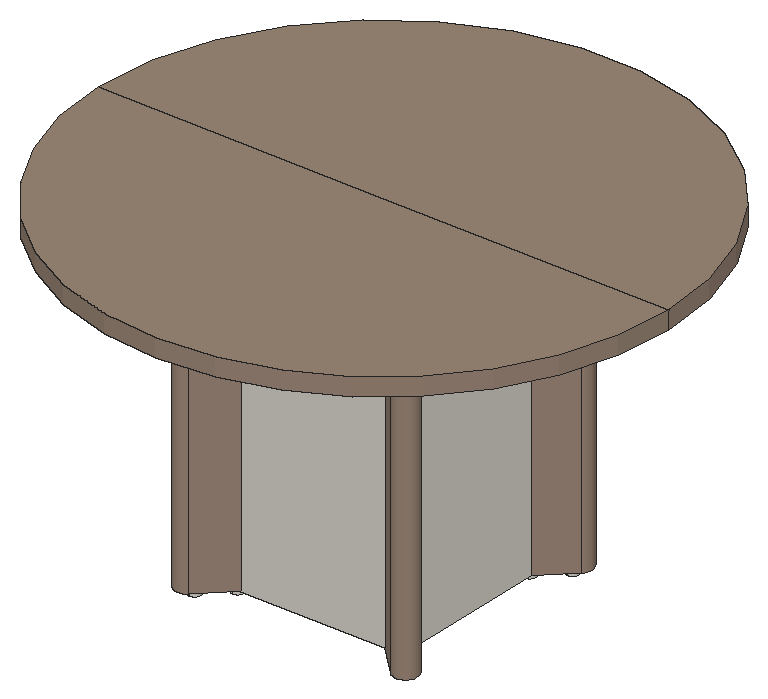
Revit family "Table-Teknion-CFRFFN_Figure_Table_Round_Gable_Enclosed_Base_Flat_Edge-R2023", category Furniture, Revit 2023 (continued)
Definition of nested family "7 Inch Compact Recessed Access Door"
  Lines and regions (in)
    Masking region 1
      outline origin (0, 0, 0) x (1, 0, 0) y (0, 1, 0)
        loop
          line (1346.77955, -151.55173) -> (1346.77955, -152.28346)
          arc (1346.77955, -152.28346) -> (1346.84758, -152.4477) -> (1347.01181, -152.51573) r 0.23226
          line (1347.01181, -152.51573) -> (1352.98819, -152.51573)
          arc (1352.98819, -152.51573) -> (1353.15242, -152.4477) -> (1353.22045, -152.28346) r 0.23226
          line (1353.22045, -152.28346) -> (1353.22045, -151.55173) -> (1353.14837, -151.55173) -> (1353.14837, -151.85039)
          arc (1353.14837, -151.85039) -> (1353.11414, -151.93304) -> (1353.0315, -151.96727) r 0.11687
          line (1353.0315, -151.96727) -> (1346.9685, -151.96727)
          arc (1346.9685, -151.96727) -> (1346.88586, -151.93304) -> (1346.85163, -151.85039) r 0.11687
          line (1346.85163, -151.85039) -> (1346.85163, -151.55173) -> (1346.77955, -151.55173)
    symbolic lines
      curve 1: line (1346.73992, -152.28346, 0) -> (1346.73992, -147.71654, 0)
      curve 2: line (1347.01181, -147.44465, 0) -> (1352.98819, -147.44465, 0)
      curve 3: arc (1346.73992, -147.71654, 0) -> (1346.81956, -147.52428, 0) -> (1347.01181, -147.44465, 0) r 0.27189
      curve 4: line (1353.26008, -147.71654, 0) -> (1353.26008, -152.28346, 0)
      curve 5: arc (1352.98819, -147.44465, 0) -> (1353.18044, -147.52428, 0) -> (1353.26008, -147.71654, 0) r 0.27189
      curve 6: line (1352.98819, -152.55535, 0) -> (1347.01181, -152.55535, 0)
      curve 7: arc (1353.26008, -152.28346, 0) -> (1353.18044, -152.47572, 0) -> (1352.98819, -152.55535, 0) r 0.27189
      curve 8: arc (1347.01181, -152.55535, 0) -> (1346.81956, -152.47572, 0) -> (1346.73992, -152.28346, 0) r 0.27189
      curve 9: line (1346.85163, -148.14961, 0) -> (1346.85163, -151.85039, 0)
      curve 10: line (1353.14837, -151.85039, 0) -> (1353.14837, -148.14961, 0)
      curve 11: line (1346.77955, -147.71654, 0) -> (1346.77955, -152.28346, 0)
      curve 12: line (1353.22045, -147.71654, 0) -> (1353.22045, -152.28346, 0)
      curve 47: line (1346.85163, -148.14961, 0) -> (1346.85163, -151.85039, 0)
      curve 48: line (1353.0315, -148.03273, 0) -> (1346.9685, -148.03273, 0)
      curve 49: arc (1346.9685, -148.03273, 0) -> (1346.88586, -148.06696, 0) -> (1346.85163, -148.14961, 0) r 0.11687
      curve 50: line (1353.14837, -151.85039, 0) -> (1353.14837, -148.14961, 0)
      curve 51: arc (1353.14837, -148.14961, 0) -> (1353.11414, -148.06696, 0) -> (1353.0315, -148.03273, 0) r 0.11687
      curve 52: line (1346.9685, -151.96727, 0) -> (1353.0315, -151.96727, 0)
      curve 53: arc (1353.0315, -151.96727, 0) -> (1353.11414, -151.93304, 0) -> (1353.14837, -151.85039, 0) r 0.11687
      curve 54: arc (1346.85163, -151.85039, 0) -> (1346.88586, -151.93304, 0) -> (1346.9685, -151.96727, 0) r 0.11687
      curve 55: line (1346.77955, -152.28346, 0) -> (1346.77955, -151.55173, 0)
      curve 56: line (1352.98819, -152.51573, 0) -> (1347.01181, -152.51573, 0)
      curve 57: arc (1347.01181, -152.51573, 0) -> (1346.84758, -152.4477, 0) -> (1346.77955, -152.28346, 0) r 0.23226
      curve 58: line (1353.22045, -151.55173, 0) -> (1353.22045, -152.28346, 0)
      curve 59: arc (1353.22045, -152.28346, 0) -> (1353.15242, -152.4477, 0) -> (1352.98819, -152.51573, 0) r 0.23226
      curve 60: line (1346.77955, -148.44827, 0) -> (1346.77955, -147.71654, 0)
      curve 61: line (1347.01181, -147.48427, 0) -> (1352.98819, -147.48427, 0)
      curve 62: arc (1346.77955, -147.71654, 0) -> (1346.84758, -147.5523, 0) -> (1347.01181, -147.48427, 0) r 0.23226
      curve 63: line (1353.22045, -147.71654, 0) -> (1353.22045, -148.44827, 0)
      curve 64: arc (1352.98819, -147.48427, 0) -> (1353.15242, -147.5523, 0) -> (1353.22045, -147.71654, 0) r 0.23226
      curve 65: line (1353.04331, -147.19685, 0) -> (1346.95669, -147.19685, 0)
      curve 66: arc (1346.95669, -147.19685, 0) -> (1346.62819, -147.33292, 0) -> (1346.49213, -147.66142, 0) r 0.46457
      curve 67: line (1346.49213, -147.66142, 0) -> (1346.49213, -152.33858, 0)
      curve 68: arc (1346.49213, -152.33858, 0) -> (1346.62819, -152.66708, 0) -> (1346.95669, -152.80315, 0) r 0.46457
      curve 69: line (1346.95669, -152.80315, 0) -> (1353.04331, -152.80315, 0)
      curve 70: arc (1353.04331, -152.80315, 0) -> (1353.37181, -152.66708, 0) -> (1353.50787, -152.33858, 0) r 0.46457
      curve 71: line (1353.50787, -152.33858, 0) -> (1353.50787, -147.66142, 0)
      curve 72: arc (1353.50787, -147.66142, 0) -> (1353.37181, -147.33292, 0) -> (1353.04331, -147.19685, 0) r 0.46457
    symbolic lines, detail levels medium+fine
      curve 13: line (1347.54528, -150.97283, 0) -> (1348.02559, -150.97283, 0)
      curve 14: line (1348.02559, -150.97283, 0) -> (1348.02559, -151.5626, 0)
      curve 15: line (1348.02559, -151.5626, 0) -> (1347.54528, -151.5626, 0)
      curve 16: line (1347.54528, -151.5626, 0) -> (1347.54528, -150.97283, 0)
      curve 17: line (1351.97441, -148.4374, 0) -> (1352.45472, -148.4374, 0)
      curve 18: line (1351.97441, -149.02717, 0) -> (1351.97441, -148.4374, 0)
      curve 19: line (1352.45472, -149.02717, 0) -> (1351.97441, -149.02717, 0)
      curve 20: line (1352.45472, -148.4374, 0) -> (1352.45472, -149.02717, 0)
      curve 21: line (1347.05512, -148.44685, 0) -> (1347.47244, -148.44685, 0)
      curve 22: line (1347.05512, -151.55315, 0) -> (1347.05512, -148.44685, 0)
      curve 23: line (1347.47244, -151.55315, 0) -> (1347.05512, -151.55315, 0)
      curve 24: line (1347.47244, -148.44685, 0) -> (1347.47244, -151.55315, 0)
      curve 25: line (1347.02362, -151.55173, 0) -> (1346.73992, -151.55173, 0)
      curve 26: line (1347.02362, -151.55173, 0) -> (1347.02362, -148.44827, 0)
      curve 27: line (1347.02362, -148.44827, 0) -> (1346.73992, -148.44827, 0)
      curve 28: line (1346.77955, -148.55314, 0) -> (1347.41732, -148.55314, 0)
      curve 29: line (1347.41732, -148.55314, 0) -> (1347.41732, -151.44686, 0)
      curve 30: line (1347.41732, -151.44686, 0) -> (1346.77955, -151.44686, 0)
      curve 31: line (1347.02362, -149.80673, 0) -> (1346.93307, -149.80673, 0)
      curve 32: line (1346.93307, -149.80673, 0) -> (1346.93307, -150.19327, 0)
      curve 33: line (1346.93307, -150.19327, 0) -> (1347.02362, -150.19327, 0)
      curve 34: line (1352.94488, -148.44685, 0) -> (1352.52756, -148.44685, 0)
      curve 35: line (1352.94488, -151.55315, 0) -> (1352.94488, -148.44685, 0)
      curve 36: line (1352.52756, -151.55315, 0) -> (1352.94488, -151.55315, 0)
      curve 37: line (1352.52756, -148.44685, 0) -> (1352.52756, -151.55315, 0)
      curve 38: line (1352.97638, -151.55173, 0) -> (1353.26008, -151.55173, 0)
      curve 39: line (1352.97638, -151.55173, 0) -> (1352.97638, -148.44827, 0)
      curve 40: line (1352.97638, -148.44827, 0) -> (1353.26008, -148.44827, 0)
      curve 41: line (1353.22045, -148.55314, 0) -> (1352.58268, -148.55314, 0)
      curve 42: line (1352.58268, -148.55314, 0) -> (1352.58268, -151.44686, 0)
      curve 43: line (1352.58268, -151.44686, 0) -> (1353.22045, -151.44686, 0)
      curve 44: line (1352.97638, -149.80673, 0) -> (1353.06693, -149.80673, 0)
      curve 45: line (1353.06693, -149.80673, 0) -> (1353.06693, -150.19327, 0)
      curve 46: line (1353.06693, -150.19327, 0) -> (1352.97638, -150.19327, 0)
  Dimensions and locks (in)
    plane 4 "Left" to plane 5 "Right" = 7.01575"
    plane 6 "Back" to plane 7 "Front" = 5.6063"
    locked: plane 8 "Top" to level at 29.06
    equal spacing: plane 7 "Front", plane 1 "Center Front/Back", plane 6 "Back"
    equal spacing: plane 4 "Left", plane 3 "Center Left/Right", plane 5 "Right"
    plane 9 to plane 8 "Top" to plane 10 = 0.07087" locked, 1.50394" locked
    aligned and locked: level to plane 2
    aligned and locked: Sweep 6 sketch curve to plane 3 "Center Left/Right"
    aligned and locked: plane 3 "Center Left/Right" to SweptBlend 8 sketch curve
    aligned and locked: Sweep 10 sketch curve to plane 1 "Center Front/Back"
  Automatic sketch dimensions
    Sweep 1 sketch curve to plane 3 "Center Left/Right" = 0.000"
    Sweep 1 sketch curve to plane 8 "Top" = 0.12598"
    plane 8 "Top" to Sweep 1 sketch curve = 0.0315"
    Sweep 1 sketch curve to plane 1 "Center Front/Back" = 1.96727"
    Sweep 1 sketch curve to Sweep 1 sketch curve = 0.11687"  (x3)
    plane 1 "Center Front/Back" to Sweep 1 sketch curve = 1.85039"  (x2)
    profile plane to Sweep 1 sketch curve = 3.14837"
    Sweep 1 sketch curve to profile plane = 3.0315"
    plane 4 "Left" to Sweep 2 sketch curve = 1.05315"
    plane 1 "Center Front/Back" to Sweep 2 sketch curve = 0.97077"
    Sweep 2 sketch curve to Sweep 2 sketch curve = 0.48031"
    Sweep 2 sketch curve to profile plane = 0.000"
    profile plane to Sweep 2 sketch curve = 0.01169"
    Sweep 2 sketch curve to Sweep 2 sketch curve = 0.28526"
    Sweep 2 sketch curve to Sweep 2 sketch curve = 0.01169"
    level to Sweep 2 sketch curve = 28.65831"
    Sweep 2 sketch curve to Sweep 2 sketch curve = 0.33476"
    plane 5 "Right" to Sweep 3 sketch curve = 1.53346"
    Sweep 3 sketch curve to plane 6 "Back" = 1.23848"
    Sweep 3 sketch curve to Sweep 3 sketch curve = 0.48031"
    Sweep 3 sketch curve to profile plane = 0.000"
    profile plane to Sweep 3 sketch curve = 0.01169"
    Sweep 3 sketch curve to Sweep 3 sketch curve = 0.28526"
    Sweep 3 sketch curve to Sweep 3 sketch curve = 0.01169"
    level to Sweep 3 sketch curve = 28.65831"
    Sweep 3 sketch curve to Sweep 3 sketch curve = 0.33476"
    plane 1 "Center Front/Back" to Sweep 4 sketch curve = 0.000"
    plane 4 "Left" to Sweep 4 sketch curve = 0.56299"
    Sweep 4 sketch curve to Sweep 4 sketch curve = 0.41732"
    Sweep 4 sketch curve to Sweep 4 sketch curve = 0.000"  (x4)
    profile plane to Sweep 4 sketch curve = 1.26772"
    Sweep 4 sketch curve to profile plane = 1.26772"
    level to Sweep 4 sketch curve = 28.38283"
    Sweep 4 sketch curve to Sweep 4 sketch curve = 0.28543"
    plane 1 "Center Front/Back" to Sweep 5 sketch curve = 0.000"
    plane 5 "Right" to Sweep 5 sketch curve = 0.56299"
    Sweep 5 sketch curve to Sweep 5 sketch curve = 0.41732"
    Sweep 5 sketch curve to Sweep 5 sketch curve = 0.000"  (x4)
    profile plane to Sweep 5 sketch curve = 1.26772"
    Sweep 5 sketch curve to profile plane = 1.26772"
    level to Sweep 5 sketch curve = 28.38283"
    Sweep 5 sketch curve to Sweep 5 sketch curve = 0.28543"
    Sweep 6 sketch curve to plane 10 = 0.000"
    Sweep 6 sketch curve to Sweep 6 sketch curve = 0.74566"
    Sweep 6 sketch curve to Sweep 6 sketch curve = 0.000"  (x8)
    Sweep 6 sketch curve to plane 1 "Center Front/Back" = 2.60628"
    Sweep 6 sketch curve to Sweep 6 sketch curve = 0.09055"  (x2)
    Sweep 6 sketch curve to Sweep 6 sketch curve = 0.23226"  (x3)
    Sweep 6 sketch curve to Sweep 6 sketch curve = 0.8366"  (x4)
    Sweep 6 sketch curve to Sweep 6 sketch curve = 0.09061"  (x4)
    plane 1 "Center Front/Back" to Sweep 6 sketch curve = 1.35626"  (x2)
    profile plane to Sweep 6 sketch curve = 3.311"
    Sweep 6 sketch curve to Sweep 6 sketch curve = 0.63777"
    Sweep 6 sketch curve to profile plane = 2.58268"
    Sweep 6 sketch curve to Sweep 6 sketch curve = 0.40551"
    SweptBlend 7 sketch curve to plane 3 "Center Left/Right" = 0.000"
    SweptBlend 7 sketch curve to plane 8 "Top" = 0.000"
    plane 10 to SweptBlend 7 sketch curve = 0.74566"
    profile plane to SweptBlend 7 sketch curve = 3.311"
    SweptBlend 7 sketch curve to SweptBlend 7 sketch curve = 0.32281"  (x3)
    SweptBlend 7 sketch curve to profile plane = 2.98819"  (x4)
    SweptBlend 7 sketch curve to plane 1 "Center Front/Back" = 2.60628"
    plane 1 "Center Front/Back" to SweptBlend 7 sketch curve = 2.28346"  (x2)
    profile plane to SweptBlend 7 sketch curve = 3.35074"
    SweptBlend 7 sketch curve to SweptBlend 7 sketch curve = 0.36255"  (x3)
    SweptBlend 7 sketch curve to plane 1 "Center Front/Back" = 2.64602"
    SweptBlend 8 sketch curve to plane 9 = 0.000"
    plane 10 to SweptBlend 8 sketch curve = 0.74566"
    profile plane to SweptBlend 8 sketch curve = 3.22045"
    SweptBlend 8 sketch curve to SweptBlend 8 sketch curve = 0.23226"  (x3)
    SweptBlend 8 sketch curve to profile plane = 2.98819"  (x4)
    SweptBlend 8 sketch curve to plane 1 "Center Front/Back" = 2.51573"
    plane 1 "Center Front/Back" to SweptBlend 8 sketch curve = 2.28346"  (x2)
    profile plane to SweptBlend 8 sketch curve = 3.26378"
    SweptBlend 8 sketch curve to SweptBlend 8 sketch curve = 0.27559"  (x3)
    SweptBlend 8 sketch curve to plane 1 "Center Front/Back" = 2.28346"
    Sweep 9 sketch curve to plane 3 "Center Left/Right" = 0.000"
    Sweep 9 sketch curve to plane 8 "Top" = 0.000"
    Sweep 9 sketch curve to plane 9 = 0.000"
    Sweep 9 sketch curve to plane 1 "Center Front/Back" = 2.80315"
    Sweep 9 sketch curve to Sweep 9 sketch curve = 0.2478"  (x2)
    Sweep 9 sketch curve to Sweep 9 sketch curve = 0.21677"  (x4)
    Sweep 9 sketch curve to Sweep 9 sketch curve = 0.05512"  (x5)
    plane 1 "Center Front/Back" to Sweep 9 sketch curve = 2.28346"  (x2)
    profile plane to Sweep 9 sketch curve = 3.50787"
    Sweep 9 sketch curve to profile plane = 2.98819"
    plane 4 "Left" to Sweep 10 sketch curve = 0.22679"
    Sweep 10 sketch curve to Sweep 10 sketch curve = 0.30471"
    profile plane to Sweep 10 sketch curve = 1.55173"
    Sweep 10 sketch curve to Sweep 10 sketch curve = 0.01431"
    Sweep 10 sketch curve to Sweep 10 sketch curve = 0.07874"  (x2)
    Sweep 10 sketch curve to Sweep 10 sketch curve = 0.00137"  (x2)
    Sweep 10 sketch curve to Sweep 10 sketch curve = 0.23608"  (x2)
    Sweep 10 sketch curve to profile plane = 1.30134"
    Sweep 10 sketch curve to Sweep 10 sketch curve = 0.17027"
    level to Sweep 10 sketch curve = 28.30409"
    Sweep 10 sketch curve to Sweep 10 sketch curve = 0.000"
    Sweep 10 sketch curve to Sweep 10 sketch curve = 0.03937"
    Sweep 10 sketch curve to Sweep 10 sketch curve = 0.3622"  (x2)
    Sweep 10 sketch curve to Sweep 10 sketch curve = 0.00824"
    plane 1 "Center Front/Back" to Sweep 11 sketch curve = 0.000"
    plane 5 "Right" to Sweep 11 sketch curve = 0.22679"
    Sweep 11 sketch curve to Sweep 11 sketch curve = 0.30471"
    profile plane to Sweep 11 sketch curve = 1.55173"
    Sweep 11 sketch curve to Sweep 11 sketch curve = 0.01431"
    Sweep 11 sketch curve to Sweep 11 sketch curve = 0.07874"  (x2)
    Sweep 11 sketch curve to Sweep 11 sketch curve = 0.00137"  (x2)
    Sweep 11 sketch curve to Sweep 11 sketch curve = 0.23608"  (x2)
    Sweep 11 sketch curve to profile plane = 1.30134"
    Sweep 11 sketch curve to Sweep 11 sketch curve = 0.17027"
    level to Sweep 11 sketch curve = 28.30409"
    Sweep 11 sketch curve to Sweep 11 sketch curve = 0.000"
    Sweep 11 sketch curve to Sweep 11 sketch curve = 0.03937"
    Sweep 11 sketch curve to Sweep 11 sketch curve = 0.3622"  (x2)
    Sweep 11 sketch curve to Sweep 11 sketch curve = 0.00824"
    plane 1 "Center Front/Back" to Sweep 12 sketch curve = 0.000"
    plane 4 "Left" to Sweep 12 sketch curve = 0.44094"
    plane 5 "Right" to Sweep 12 sketch curve = 0.44094"
    profile plane to Sweep 12 sketch curve = 0.19327"
    Sweep 12 sketch curve to profile plane = 0.17902"
    Sweep 12 sketch curve to profile plane = 0.19327"
    Sweep 12 sketch curve to Sweep 12 sketch curve = 0.40783"  (x2)
    level to Sweep 12 sketch curve = 28.53406"
    profile plane to Sweep 12 sketch curve = 0.17902"
    Sweep 12 sketch curve to Sweep 12 sketch curve = 0.00625"
    Masking region 1 sketch curve to plane 4 "Left" = 0.000"
    Masking region 1 sketch curve to plane 6 "Back" = 0.000"
    plane 7 "Front" to Masking region 1 sketch curve = 0.000"
    Masking region 1 sketch curve to plane 5 "Right" = 0.000"
    plane 4 "Left" to Masking region 1 sketch curve = 0.28742"  (x2)
    Masking region 1 sketch curve to Masking region 1 sketch curve = 0.07208"  (x3)
    Masking region 1 sketch curve to Masking region 1 sketch curve = 0.17714"  (x2)
    plane 4 "Left" to Masking region 1 sketch curve = 0.46457"
    Masking region 1 sketch curve to Masking region 1 sketch curve = 0.11687"  (x4)
    Masking region 1 sketch curve to Masking region 1 sketch curve = 0.05512"  (x5)
    Masking region 1 sketch curve to plane 7 "Front" = 0.28742"
    plane 5 "Right" to Masking region 1 sketch curve = 0.51969"  (x2)
    Masking region 1 sketch curve to Masking region 1 sketch curve = 0.04331"  (x2)
    Masking region 1 sketch curve to Masking region 1 sketch curve = 0.3162"
    Masking region 1 sketch curve to Masking region 1 sketch curve = 0.29867"  (x3)
    Masking region 1 sketch curve to Masking region 1 sketch curve = 0.78686"  (x2)
    plane 4 "Left" to curve 1 = 0.2478"
    curve 31 to plane 1 "Center Front/Back" = 0.19327"
    plane 4 "Left" to curve 31 = 0.44094"
    curve 3 to curve 3 = 0.27189"
    curve 6 to plane 7 "Front" = 0.2478"
    curve 8 to curve 6 = 0.27189"
    curve 25 to curve 26 = 0.2837"
    curve 25 to curve 23 = 0.0315"
    curve 21 to curve 29 = 0.3622"
    curve 29 to curve 23 = 0.05512"
    curve 29 to curve 16 = 0.12795"
    curve 15 to curve 15 = 0.48031"
    plane 5 "Right" to curve 17 = 1.53346"
    curve 18 to curve 20 = 0.48031"
    plane 5 "Right" to curve 37 = 0.98031"
    curve 34 to curve 41 = 0.05512"
    curve 41 to curve 35 = 0.3622"
    curve 34 to curve 40 = 0.0315"
    curve 2 to plane 6 "Back" = 0.2478"
    plane 5 "Right" to curve 2 = 0.51969"
    plane 5 "Right" to curve 7 = 0.51969"
    curve 46 to curve 45 = 0.09055"
    plane 5 "Right" to curve 4 = 0.2478"
    curve 7 to curve 36 = 0.73031"
    curve 15 to curve 24 = 0.00945"
    curve 22 to curve 26 = 0.00142"
    curve 35 to curve 38 = 0.00142"
    curve 36 to curve 43 = 0.10628"
    curve 23 to curve 30 = 0.10628"
    curve 14 to curve 13 = 0.58977"
    plane 1 "Center Front/Back" to curve 32 = 0.19327"
    plane 1 "Center Front/Back" to curve 46 = 0.19327"
    curve 44 to plane 1 "Center Front/Back" = 0.19327"
    curve 44 to curve 19 = 0.77956"
    curve 19 to curve 42 = 0.47404"
    curve 28 to curve 26 = 0.10486"
    curve 41 to curve 39 = 0.10486"
    curve 39 to curve 34 = 0.00142"
    curve 26 to curve 21 = 0.00142"
    curve 34 to curve 17 = 0.00945"
    curve 25 to curve 9 = 0.11171"
    curve 10 to curve 40 = 0.11171"
    curve 12 to curve 7 = 0.03963"
    curve 8 to curve 11 = 0.000"
    curve 10 to curve 38 = 0.29867"
    curve 9 to curve 25 = 0.29867"
    curve 40 to curve 10 = 0.29867"
    curve 27 to curve 9 = 0.29867"
    curve 3 to curve 11 = 0.000"
    curve 12 to curve 5 = 0.000"
    curve 49 to curve 49 = 0.11687"
    curve 48 to curve 10 = 0.11687"
    curve 53 to curve 53 = 0.11687"
    curve 9 to curve 52 = 0.11687"
    curve 8 to curve 57 = 0.000"
    curve 56 to curve 6 = 0.000"
    curve 3 to curve 62 = 0.000"
    curve 61 to curve 2 = 0.000"
    curve 67 to plane 4 "Left" = 0.000"
    curve 65 to plane 6 "Back" = 0.000"
    plane 7 "Front" to curve 68 = 0.000"
    curve 70 to plane 5 "Right" = 0.000"
    curve 65 to curve 2 = 0.05512"
    curve 68 to curve 8 = 0.05512"
    curve 5 to curve 72 = 0.05512"
    curve 7 to curve 70 = 0.05512"
Definition of nested family "12 Inch Standard Recessed Access Door"
  Parameters (values of type "12 Inch Compact Recessed Access Door")
    Warranty = "http://www.teknion.com/ca/papers/legal-canada"
    Unit Weight URL = "http://www.teknion.com/ca/tools/assets#&asset=bee6a381-b954-425e-8283-5a2de3a804f2,f828d448-4b62-4231-9e5f-9a8991c0ed77"
    URL = "www.teknion.com"
    To render please download texture images found here [instance] = "https://assets.teknion.com/web/5e81352c1dfdb467/revit-material-swatches/"
    Sustainability Data = "https://www.teknion.com/ca/tools/assets#&topic=216f99a5-57a0-44fc-b10a-9dee9b29ae4c&asset=444deb64-fe58-4b68-981e-f75e97781df7,b4ff2d81-9f2e-437d-9659-7cffb09c31cf"
    Series = ""
    Product Page URL = ""
    Product Line = ""
    Product Documentation Link = ""
    Part Number = ""
    Model = "1"
    Manufacturer Phone = "416-661-3370"  # constant formula
    Manufacturer Fax = "416.661.4586"  # constant formula
    Manufacturer Contact Information = "http://www.teknion.com/ca/contactus"
    Manufacturer Address = "1150 Flint Road, Toronto, ON. M3J 2J5. Canada"  # constant formula
    Manufacturer = "Teknion"  # constant formula
    How To Use Teknion Materials User Guide [instance] = "https://assets.teknion.com/m/205dd0a49fa58060/original/How-to-add-a-Material-Library-and-Texture-Images-to-your-Revit-project.pdf"
    For Additional Finishes please visit [instance] = "https://assets.teknion.com/m/44a8009b046e5d47/original/Teknion_Materials_Library.zip"
    Finish [instance] = none
    Description = "12 Inch Compact Recessed Access Door"
    Default Elevation = 0.000"
    Assembly Code = "E2020200"
  Reference planes (in)
    plane 1 "Center Front/Back": y = -150
    plane 2: z = 0
    plane 3 "Center Left/Right": x = 1350
    plane 4 "Left": x = 1343.97244
    plane 5 "Right": x = 1356.02756
    plane 6 "Back": y = -147.19685
    plane 7 "Front": y = -152.80315
    plane 8 "Top": z = 29.06
    plane 9: z = 29.13087
    plane 10: z = 27.55606
  Forms (in)
    Sweep 1, solid, material <- "Finish"
      path origin (0, -150, 0) x (1, 0, 0) y (0, 0, 1)
        loop
          line (1350, 29.0915) -> (1350, 28.93402)
      profile origin (1350, -150, 29.01276) x (0, -1, 0) y (1, 0, 0)
        loop
          line (-1.96727, 5.55118) -> (-1.96727, -5.55118)
          arc (-1.96727, -5.55118) -> (-1.93304, -5.63382) -> (-1.85039, -5.66805) r 0.11687
          line (-1.85039, -5.66805) -> (1.85039, -5.66805)
          arc (1.85039, -5.66805) -> (1.93304, -5.63382) -> (1.96727, -5.55118) r 0.11687
          line (1.96727, -5.55118) -> (1.96727, 5.55118)
          arc (1.96727, 5.55118) -> (1.93304, 5.63382) -> (1.85039, 5.66805) r 0.11687
          line (1.85039, 5.66805) -> (-1.85039, 5.66805)
          arc (-1.85039, 5.66805) -> (-1.93304, 5.63382) -> (-1.96727, 5.55118) r 0.11687
    Sweep 2, solid, material <- "Finish"
      path origin (0, 0, 0) x (1, 0, 0) y (0, 1, 0)
        loop
          line (1345.02559, -150.97077) -> (1345.50591, -150.97077)
      profile origin (1345.26575, -150.97077, 0) x (0, 1, 0) y (0, 0, 1)
        loop
          arc (-0.58221, 28.65831) -> (-0.29695, 28.37305) -> (-0.01169, 28.65831) r 0.28526
          line (-0.01169, 28.65831) -> (0, 28.99307) -> (-0.5939, 28.99307) -> (-0.58221, 28.65831)
    Sweep 3, solid, material <- "Finish"
      path origin (4.42913, 2.53543, 0) x (1, 0, 0) y (0, 1, 0)
        loop
          line (1350.06496, -150.97077) -> (1350.54528, -150.97077)
      profile origin (1354.73425, -148.43533, 0) x (0, 1, 0) y (0, 0, 1)
        loop
          arc (-0.58221, 28.65831) -> (-0.29695, 28.37305) -> (-0.01169, 28.65831) r 0.28526
          line (-0.01169, 28.65831) -> (0, 28.99307) -> (-0.5939, 28.99307) -> (-0.58221, 28.65831)
    Sweep 4, solid, material <- "Finish"
      path origin (0, 0, 0) x (1, 0, 0) y (0, 1, 0)
        loop
          line (1344.95276, -150) -> (1344.53543, -150)
      profile origin (1344.74409, -150, 0) x (0, -1, 0) y (0, 0, 1)
        loop
          line (1.26772, 28.9537) -> (-1.26772, 28.9537)
          arc (-1.26772, 28.9537) -> (-1.46955, 28.8701) -> (-1.55315, 28.66827) r 0.28543
          arc (-1.55315, 28.66827) -> (-1.46955, 28.46644) -> (-1.26772, 28.38283) r 0.28543
          line (-1.26772, 28.38283) -> (1.26772, 28.38283)
          arc (1.26772, 28.38283) -> (1.46955, 28.46644) -> (1.55315, 28.66827) r 0.28543
          arc (1.55315, 28.66827) -> (1.46955, 28.8701) -> (1.26772, 28.9537) r 0.28543
    Sweep 5, solid, material <- "Finish"
      path origin (2700, 0, 0) x (-1, 0, 0) y (0, -1, 0)
        loop
          line (1344.95276, 150) -> (1344.53543, 150)
      profile origin (1355.25591, -150, 0) x (0, 1, 0) y (0, 0, 1)
        loop
          arc (-1.26772, 28.9537) -> (-1.46955, 28.8701) -> (-1.55315, 28.66827) r 0.28543
          arc (-1.55315, 28.66827) -> (-1.46955, 28.46644) -> (-1.26772, 28.38283) r 0.28543
          line (-1.26772, 28.38283) -> (1.26772, 28.38283)
          arc (1.26772, 28.38283) -> (1.46955, 28.46644) -> (1.55315, 28.66827) r 0.28543
          arc (1.55315, 28.66827) -> (1.46955, 28.8701) -> (1.26772, 28.9537) r 0.28543
          line (1.26772, 28.9537) -> (-1.26772, 28.9537)
    Sweep 6, solid, material <- "Finish"
      path origin (0, -150, 0) x (1, 0, 0) y (0, 0, 1)
        loop
          line (1350, 28.30172) -> (1350, 27.55606)
      profile origin (1350, -150, 27.92889) x (0, -1, 0) y (1, 0, 0)
        loop
          line (1.35626, -5.83069) -> (2.28346, -5.83069)
          arc (2.28346, -5.83069) -> (2.51173, -5.73614) -> (2.60628, -5.50787) r 0.32281
          line (2.60628, -5.50787) -> (2.60628, 5.50787)
          arc (2.60628, 5.50787) -> (2.51173, 5.73614) -> (2.28346, 5.83069) r 0.32281
          line (2.28346, 5.83069) -> (1.35626, 5.83069) -> (-1.35626, 5.83069) -> (-2.28346, 5.83069)
          arc (-2.28346, 5.83069) -> (-2.51173, 5.73614) -> (-2.60628, 5.50787) r 0.32281
          line (-2.60628, 5.50787) -> (-2.60628, -5.50787)
          arc (-2.60628, -5.50787) -> (-2.51173, -5.73614) -> (-2.28346, -5.83069) r 0.32281
          line (-2.28346, -5.83069) -> (-1.35626, -5.83069) -> (1.35626, -5.83069)
        loop
          arc (2.28346, -5.74014) -> (2.4477, -5.67211) -> (2.51573, -5.50787) r 0.23226
          line (2.51573, -5.50787) -> (2.51573, 5.50787)
          arc (2.51573, 5.50787) -> (2.4477, 5.67211) -> (2.28346, 5.74014) r 0.23226
          line (2.28346, 5.74014) -> (1.44686, 5.74014) -> (1.44686, 5.10236) -> (-1.44686, 5.10236) -> (-1.44686, 5.74014) -> (-2.28346, 5.74014)
          arc (-2.28346, 5.74014) -> (-2.4477, 5.67211) -> (-2.51573, 5.50787) r 0.23226
          line (-2.51573, 5.50787) -> (-2.51573, -5.50787)
          arc (-2.51573, -5.50787) -> (-2.4477, -5.67211) -> (-2.28346, -5.74014) r 0.23226
          line (-2.28346, -5.74014) -> (-1.44686, -5.74014) -> (-1.44686, -5.10236) -> (1.44686, -5.10236) -> (1.44686, -5.74014) -> (2.28346, -5.74014)
    SweptBlend 7, solid, material <- "Finish"
      path origin (0, -150, 0) x (1, 0, 0) y (0, 0, 1)
        loop
          line (1350, 28.30172) -> (1350, 29.06)
      profile origin (1350, -150, 28.30172) x (-1, 0, 0) y (0, -1, 0)
        loop
          line (5.50787, 2.60628) -> (-5.50787, 2.60628)
          arc (-5.50787, 2.60628) -> (-5.73614, 2.51173) -> (-5.83069, 2.28346) r 0.32281
          line (-5.83069, 2.28346) -> (-5.83069, -2.28346)
          arc (-5.83069, -2.28346) -> (-5.73614, -2.51173) -> (-5.50787, -2.60628) r 0.32281
          line (-5.50787, -2.60628) -> (5.50787, -2.60628)
          arc (5.50787, -2.60628) -> (5.73614, -2.51173) -> (5.83069, -2.28346) r 0.32281
          line (5.83069, -2.28346) -> (5.83069, 2.28346)
          arc (5.83069, 2.28346) -> (5.73614, 2.51173) -> (5.50787, 2.60628) r 0.32281
      end profile origin (1350, -150, 29.06) x (-1, 0, 0) y (0, -1, 0)
        loop
          line (5.50787, 2.64602) -> (-5.50787, 2.64602)
          arc (-5.50787, 2.64602) -> (-5.76424, 2.53983) -> (-5.87043, 2.28346) r 0.36255
          line (-5.87043, 2.28346) -> (-5.87043, -2.28346)
          arc (-5.87043, -2.28346) -> (-5.76424, -2.53983) -> (-5.50787, -2.64602) r 0.36255
          line (-5.50787, -2.64602) -> (5.50787, -2.64602)
          arc (5.50787, -2.64602) -> (5.76424, -2.53983) -> (5.87043, -2.28346) r 0.36255
          line (5.87043, -2.28346) -> (5.87043, 2.28346)
          arc (5.87043, 2.28346) -> (5.76424, 2.53983) -> (5.50787, 2.64602) r 0.36255
    SweptBlend 8, void
      path origin (0, -150, 0) x (1, 0, 0) y (0, 0, 1)
        loop
          line (1350, 28.30172) -> (1350, 29.13087)
      profile origin (1350, -150, 28.30172) x (-1, 0, 0) y (0, -1, 0)
        loop
          arc (-5.50787, 2.51573) -> (-5.67211, 2.4477) -> (-5.74014, 2.28346) r 0.23226
          line (-5.74014, 2.28346) -> (-5.74014, -2.28346)
          arc (-5.74014, -2.28346) -> (-5.67211, -2.4477) -> (-5.50787, -2.51573) r 0.23226
          line (-5.50787, -2.51573) -> (5.50787, -2.51573)
          arc (5.50787, -2.51573) -> (5.67211, -2.4477) -> (5.74014, -2.28346) r 0.23226
          line (5.74014, -2.28346) -> (5.74014, 2.28346)
          arc (5.74014, 2.28346) -> (5.67211, 2.4477) -> (5.50787, 2.51573) r 0.23226
          line (5.50787, 2.51573) -> (-5.50787, 2.51573)
      end profile origin (1350, -150, 29.13087) x (-1, 0, 0) y (0, -1, 0)
        loop
          arc (5.78346, 2.28346) -> (5.70275, 2.47834) -> (5.50787, 2.55906) r 0.27559
          line (5.50787, 2.55906) -> (-5.50787, 2.55906)
          arc (-5.50787, 2.55906) -> (-5.70275, 2.47834) -> (-5.78346, 2.28346) r 0.27559
          line (-5.78346, 2.28346) -> (-5.78346, -2.28346)
          arc (-5.78346, -2.28346) -> (-5.70275, -2.47834) -> (-5.50787, -2.55906) r 0.27559
          line (-5.50787, -2.55906) -> (5.50787, -2.55906)
          arc (5.50787, -2.55906) -> (5.70275, -2.47834) -> (5.78346, -2.28346) r 0.27559
          line (5.78346, -2.28346) -> (5.78346, 2.28346)
    Sweep 9, solid, material <- "Finish"
      path origin (0, -150, 0) x (1, 0, 0) y (0, 0, 1)
        loop
          line (1350, 29.13087) -> (1350, 29.06)
      profile origin (1350, -150, 29.09543) x (0, -1, 0) y (1, 0, 0)
        loop
          arc (-2.80315, -5.56299) -> (-2.66708, -5.89149) -> (-2.33858, -6.02756) r 0.46457
          line (-2.33858, -6.02756) -> (2.33858, -6.02756)
          arc (2.33858, -6.02756) -> (2.66708, -5.89149) -> (2.80315, -5.56299) r 0.46457
          line (2.80315, -5.56299) -> (2.80315, 5.56299)
          arc (2.80315, 5.56299) -> (2.66708, 5.89149) -> (2.33858, 6.02756) r 0.46457
          line (2.33858, 6.02756) -> (-2.33858, 6.02756)
          arc (-2.33858, 6.02756) -> (-2.66708, 5.89149) -> (-2.80315, 5.56299) r 0.46457
          line (-2.80315, 5.56299) -> (-2.80315, -5.56299)
        loop
          arc (-2.55535, -5.50787) -> (-2.47572, -5.70013) -> (-2.28346, -5.77976) r 0.27189
          line (-2.28346, -5.77976) -> (2.28346, -5.77976)
          arc (2.28346, -5.77976) -> (2.47572, -5.70013) -> (2.55535, -5.50787) r 0.27189
          line (2.55535, -5.50787) -> (2.55535, 5.50787)
          arc (2.55535, 5.50787) -> (2.47572, 5.70013) -> (2.28346, 5.77976) r 0.27189
          line (2.28346, 5.77976) -> (-2.28346, 5.77976)
          arc (-2.28346, 5.77976) -> (-2.47572, 5.70013) -> (-2.55535, 5.50787) r 0.27189
          line (-2.55535, 5.50787) -> (-2.55535, -5.50787)
    Sweep 10, solid, material <- "Finish"
      path origin (0, 0, 0) x (1, 0, 0) y (0, 1, 0)
        loop
          line (1344.50394, -150) -> (1344.19923, -150)
      profile origin (1344.35158, -150, 0) x (0, -1, 0) y (0, 0, 1)
        loop
          line (-1.55173, 28.30409) -> (-1.47299, 28.30409) -> (-1.47161, 28.34346) -> (1.47161, 28.34346) -> (1.47299, 28.30409) -> (1.55173, 28.30409) -> (1.53742, 28.71391)
          arc (1.53742, 28.71391) -> (1.46543, 28.87559) -> (1.30134, 28.94189) r 0.23622
          line (1.30134, 28.94189) -> (-1.30134, 28.94189)
          arc (-1.30134, 28.94189) -> (-1.46543, 28.87559) -> (-1.53742, 28.71391) r 0.23622
          line (-1.53742, 28.71391) -> (-1.55173, 28.30409)
    Sweep 11, solid, material <- "Finish"
      path origin (2700, 0, 0) x (-1, 0, 0) y (0, -1, 0)
        loop
          line (1344.50394, 150) -> (1344.19923, 150)
      profile origin (1355.64842, -150, 0) x (0, 1, 0) y (0, 0, 1)
        loop
          line (1.55173, 28.30409) -> (1.53742, 28.71391)
          arc (1.53742, 28.71391) -> (1.46543, 28.87559) -> (1.30134, 28.94189) r 0.23622
          line (1.30134, 28.94189) -> (-1.30134, 28.94189)
          arc (-1.30134, 28.94189) -> (-1.46543, 28.87559) -> (-1.53742, 28.71391) r 0.23622
          line (-1.53742, 28.71391) -> (-1.55173, 28.30409) -> (-1.47299, 28.30409) -> (-1.47161, 28.34346) -> (1.47161, 28.34346) -> (1.47299, 28.30409) -> (1.55173, 28.30409)
  Cuts and joins
    joined: Sweep 2, Sweep 3
    SweptBlend 8 cuts SweptBlend 7
    joined: Sweep 6, SweptBlend 7, Sweep 9, Sweep 10, Sweep 11
  Lines and regions (in)
    Masking region 1
      outline origin (-2.51969, 0, 0) x (1, 0, 0) y (0, 1, 0)
        loop
          line (1358.08268, -147.19685) -> (1346.95669, -147.19685)
          arc (1346.95669, -147.19685) -> (1346.62819, -147.33292) -> (1346.49213, -147.66142) r 0.46457
          line (1346.49213, -147.66142) -> (1346.49213, -152.33858)
          arc (1346.49213, -152.33858) -> (1346.62819, -152.66708) -> (1346.95669, -152.80315) r 0.46457
          line (1346.95669, -152.80315) -> (1358.08268, -152.80315)
          arc (1358.08268, -152.80315) -> (1358.41118, -152.66708) -> (1358.54724, -152.33858) r 0.46457
          line (1358.54724, -152.33858) -> (1358.54724, -147.66142)
          arc (1358.54724, -147.66142) -> (1358.41118, -147.33292) -> (1358.08268, -147.19685) r 0.46457
        loop
          line (1346.77955, -148.44827) -> (1346.85163, -148.44827) -> (1346.85163, -148.14961)
          arc (1346.85163, -148.14961) -> (1346.88586, -148.06696) -> (1346.9685, -148.03273) r 0.11687
          line (1346.9685, -148.03273) -> (1358.07087, -148.03273)
          arc (1358.07087, -148.03273) -> (1358.15351, -148.06696) -> (1358.18774, -148.14961) r 0.11687
          line (1358.18774, -148.14961) -> (1358.18774, -148.44827) -> (1358.25982, -148.44827) -> (1358.25982, -147.71654)
          arc (1358.25982, -147.71654) -> (1358.19179, -147.5523) -> (1358.02756, -147.48427) r 0.23226
          line (1358.02756, -147.48427) -> (1347.01181, -147.48427)
          arc (1347.01181, -147.48427) -> (1346.84758, -147.5523) -> (1346.77955, -147.71654) r 0.23226
          line (1346.77955, -147.71654) -> (1346.77955, -148.44827)
        loop
          line (1346.77955, -151.55173) -> (1346.77955, -152.28346)
          arc (1346.77955, -152.28346) -> (1346.84758, -152.4477) -> (1347.01181, -152.51573) r 0.23226
          line (1347.01181, -152.51573) -> (1358.02756, -152.51573)
          arc (1358.02756, -152.51573) -> (1358.19179, -152.4477) -> (1358.25982, -152.28346) r 0.23226
          line (1358.25982, -152.28346) -> (1358.25982, -151.55173) -> (1358.18774, -151.55173) -> (1358.18774, -151.85039)
          arc (1358.18774, -151.85039) -> (1358.15351, -151.93304) -> (1358.07087, -151.96727) r 0.11687
          line (1358.07087, -151.96727) -> (1346.9685, -151.96727)
          arc (1346.9685, -151.96727) -> (1346.88586, -151.93304) -> (1346.85163, -151.85039) r 0.11687
          line (1346.85163, -151.85039) -> (1346.85163, -151.55173) -> (1346.77955, -151.55173)
    symbolic lines
      curve 1: line (1344.22024, -152.28346, 0) -> (1344.22024, -147.71654, 0)
      curve 2: line (1344.49213, -147.44465, 0) -> (1355.50787, -147.44465, 0)
      curve 3: arc (1344.22024, -147.71654, 0) -> (1344.29987, -147.52428, 0) -> (1344.49213, -147.44465, 0) r 0.27189
      curve 4: line (1355.77976, -147.71654, 0) -> (1355.77976, -152.28346, 0)
      curve 5: arc (1355.50787, -147.44465, 0) -> (1355.70013, -147.52428, 0) -> (1355.77976, -147.71654, 0) r 0.27189
      curve 6: line (1355.50787, -152.55535, 0) -> (1344.49213, -152.55535, 0)
      curve 7: arc (1355.77976, -152.28346, 0) -> (1355.70013, -152.47572, 0) -> (1355.50787, -152.55535, 0) r 0.27189
      curve 8: arc (1344.49213, -152.55535, 0) -> (1344.29987, -152.47572, 0) -> (1344.22024, -152.28346, 0) r 0.27189
      curve 9: line (1344.33195, -148.14961, 0) -> (1344.33195, -151.85039, 0)
      curve 10: line (1355.66805, -151.85039, 0) -> (1355.66805, -148.14961, 0)
      curve 11: line (1344.25986, -147.71654, 0) -> (1344.25986, -152.28346, 0)
      curve 12: line (1355.74014, -147.71654, 0) -> (1355.74014, -152.28346, 0)
      curve 41: line (1344.33195, -148.14961, 0) -> (1344.33195, -151.85039, 0)
      curve 42: line (1355.55118, -148.03273, 0) -> (1344.44882, -148.03273, 0)
      curve 43: arc (1344.44882, -148.03273, 0) -> (1344.36618, -148.06696, 0) -> (1344.33195, -148.14961, 0) r 0.11687
      curve 44: line (1355.66805, -151.85039, 0) -> (1355.66805, -148.14961, 0)
      curve 45: arc (1355.66805, -148.14961, 0) -> (1355.63382, -148.06696, 0) -> (1355.55118, -148.03273, 0) r 0.11687
      curve 46: line (1344.44882, -151.96727, 0) -> (1355.55118, -151.96727, 0)
      curve 47: arc (1355.55118, -151.96727, 0) -> (1355.63382, -151.93304, 0) -> (1355.66805, -151.85039, 0) r 0.11687
      curve 48: arc (1344.33195, -151.85039, 0) -> (1344.36618, -151.93304, 0) -> (1344.44882, -151.96727, 0) r 0.11687
      curve 49: line (1344.25986, -152.28346, 0) -> (1344.25986, -151.55173, 0)
      curve 50: line (1355.50787, -152.51573, 0) -> (1344.49213, -152.51573, 0)
      curve 51: arc (1344.49213, -152.51573, 0) -> (1344.32789, -152.4477, 0) -> (1344.25986, -152.28346, 0) r 0.23226
      curve 52: line (1355.74014, -151.55173, 0) -> (1355.74014, -152.28346, 0)
      curve 53: arc (1355.74014, -152.28346, 0) -> (1355.67211, -152.4477, 0) -> (1355.50787, -152.51573, 0) r 0.23226
      curve 54: line (1344.25986, -148.44827, 0) -> (1344.25986, -147.71654, 0)
      curve 55: line (1344.49213, -147.48427, 0) -> (1355.50787, -147.48427, 0)
      curve 56: arc (1344.25986, -147.71654, 0) -> (1344.32789, -147.5523, 0) -> (1344.49213, -147.48427, 0) r 0.23226
      curve 57: line (1355.74014, -147.71654, 0) -> (1355.74014, -148.44827, 0)
      curve 58: arc (1355.50787, -147.48427, 0) -> (1355.67211, -147.5523, 0) -> (1355.74014, -147.71654, 0) r 0.23226
      curve 59: line (1355.56299, -147.19685, 0) -> (1344.43701, -147.19685, 0)
      curve 60: arc (1344.43701, -147.19685, 0) -> (1344.10851, -147.33292, 0) -> (1343.97244, -147.66142, 0) r 0.46457
      curve 61: line (1343.97244, -147.66142, 0) -> (1343.97244, -152.33858, 0)
      curve 62: arc (1343.97244, -152.33858, 0) -> (1344.10851, -152.66708, 0) -> (1344.43701, -152.80315, 0) r 0.46457
      curve 63: line (1344.43701, -152.80315, 0) -> (1355.56299, -152.80315, 0)
      curve 64: arc (1355.56299, -152.80315, 0) -> (1355.89149, -152.66708, 0) -> (1356.02756, -152.33858, 0) r 0.46457
      curve 65: line (1356.02756, -152.33858, 0) -> (1356.02756, -147.66142, 0)
      curve 66: arc (1356.02756, -147.66142, 0) -> (1355.89149, -147.33292, 0) -> (1355.56299, -147.19685, 0) r 0.46457
    symbolic lines, detail levels medium+fine
      curve 13: line (1345.02559, -150.97283, 0) -> (1345.50591, -150.97283, 0)
      curve 14: line (1345.50591, -150.97283, 0) -> (1345.50591, -151.5626, 0)
      curve 15: line (1345.50591, -151.5626, 0) -> (1345.02559, -151.5626, 0)
      curve 16: line (1345.02559, -151.5626, 0) -> (1345.02559, -150.97283, 0)
      curve 17: line (1354.49409, -148.4374, 0) -> (1354.97441, -148.4374, 0)
      curve 18: line (1354.49409, -149.02717, 0) -> (1354.49409, -148.4374, 0)
      curve 19: line (1354.97441, -149.02717, 0) -> (1354.49409, -149.02717, 0)
      curve 20: line (1354.97441, -148.4374, 0) -> (1354.97441, -149.02717, 0)
      curve 21: line (1344.53543, -148.44685, 0) -> (1344.95276, -148.44685, 0)
      curve 22: line (1344.53543, -151.55315, 0) -> (1344.53543, -148.44685, 0)
      curve 23: line (1344.95276, -151.55315, 0) -> (1344.53543, -151.55315, 0)
      curve 24: line (1344.95276, -148.44685, 0) -> (1344.95276, -151.55315, 0)
      curve 25: line (1344.50394, -151.55173, 0) -> (1344.22024, -151.55173, 0)
      curve 26: line (1344.50394, -151.55173, 0) -> (1344.50394, -148.44827, 0)
      curve 27: line (1344.50394, -148.44827, 0) -> (1344.22024, -148.44827, 0)
      curve 28: line (1344.25986, -148.55314, 0) -> (1344.89764, -148.55314, 0)
      curve 29: line (1344.89764, -148.55314, 0) -> (1344.89764, -151.44686, 0)
      curve 30: line (1344.89764, -151.44686, 0) -> (1344.25986, -151.44686, 0)
      curve 31: line (1355.46457, -148.44685, 0) -> (1355.04724, -148.44685, 0)
      curve 32: line (1355.46457, -151.55315, 0) -> (1355.46457, -148.44685, 0)
      curve 33: line (1355.04724, -151.55315, 0) -> (1355.46457, -151.55315, 0)
      curve 34: line (1355.04724, -148.44685, 0) -> (1355.04724, -151.55315, 0)
      curve 35: line (1355.49606, -151.55173, 0) -> (1355.77976, -151.55173, 0)
      curve 36: line (1355.49606, -151.55173, 0) -> (1355.49606, -148.44827, 0)
      curve 37: line (1355.49606, -148.44827, 0) -> (1355.77976, -148.44827, 0)
      curve 38: line (1355.74014, -148.55314, 0) -> (1355.10236, -148.55314, 0)
      curve 39: line (1355.10236, -148.55314, 0) -> (1355.10236, -151.44686, 0)
      curve 40: line (1355.10236, -151.44686, 0) -> (1355.74014, -151.44686, 0)
  Dimensions and locks (in)
    plane 4 "Left" to plane 5 "Right" = 12.05512"
    plane 6 "Back" to plane 7 "Front" = 5.6063"
    locked: plane 8 "Top" to level at 29.06
    equal spacing: plane 7 "Front", plane 1 "Center Front/Back", plane 6 "Back"
    equal spacing: plane 4 "Left", plane 3 "Center Left/Right", plane 5 "Right"
    plane 9 to plane 8 "Top" to plane 10 = 0.07087" locked, 1.50394" locked
    aligned and locked: level to plane 2
    aligned and locked: Sweep 6 sketch curve to plane 3 "Center Left/Right"
    aligned and locked: plane 3 "Center Left/Right" to SweptBlend 8 sketch curve
    aligned and locked: Sweep 10 sketch curve to plane 1 "Center Front/Back"
  Automatic sketch dimensions
    Sweep 1 sketch curve to plane 3 "Center Left/Right" = 0.000"
    Sweep 1 sketch curve to plane 8 "Top" = 0.12598"
    plane 8 "Top" to Sweep 1 sketch curve = 0.0315"
    Sweep 1 sketch curve to plane 1 "Center Front/Back" = 1.96727"
    Sweep 1 sketch curve to Sweep 1 sketch curve = 0.11687"  (x3)
    plane 1 "Center Front/Back" to Sweep 1 sketch curve = 1.85039"  (x2)
    profile plane to Sweep 1 sketch curve = 5.66805"
    Sweep 1 sketch curve to profile plane = 5.55118"
    plane 4 "Left" to Sweep 2 sketch curve = 1.05315"
    plane 1 "Center Front/Back" to Sweep 2 sketch curve = 0.97077"
    Sweep 2 sketch curve to Sweep 2 sketch curve = 0.48031"
    Sweep 2 sketch curve to profile plane = 0.000"
    profile plane to Sweep 2 sketch curve = 0.01169"
    Sweep 2 sketch curve to Sweep 2 sketch curve = 0.28526"
    Sweep 2 sketch curve to Sweep 2 sketch curve = 0.01169"
    level to Sweep 2 sketch curve = 28.65831"
    Sweep 2 sketch curve to Sweep 2 sketch curve = 0.33476"
    plane 5 "Right" to Sweep 3 sketch curve = 1.53346"
    Sweep 3 sketch curve to plane 6 "Back" = 1.23848"
    Sweep 3 sketch curve to Sweep 3 sketch curve = 0.48031"
    Sweep 3 sketch curve to profile plane = 0.000"
    profile plane to Sweep 3 sketch curve = 0.01169"
    Sweep 3 sketch curve to Sweep 3 sketch curve = 0.28526"
    Sweep 3 sketch curve to Sweep 3 sketch curve = 0.01169"
    level to Sweep 3 sketch curve = 28.65831"
    Sweep 3 sketch curve to Sweep 3 sketch curve = 0.33476"
    plane 1 "Center Front/Back" to Sweep 4 sketch curve = 0.000"
    plane 4 "Left" to Sweep 4 sketch curve = 0.56299"
    Sweep 4 sketch curve to Sweep 4 sketch curve = 0.41732"
    Sweep 4 sketch curve to Sweep 4 sketch curve = 0.000"  (x4)
    profile plane to Sweep 4 sketch curve = 1.26772"
    Sweep 4 sketch curve to profile plane = 1.26772"
    level to Sweep 4 sketch curve = 28.38283"
    Sweep 4 sketch curve to Sweep 4 sketch curve = 0.28543"
    plane 1 "Center Front/Back" to Sweep 5 sketch curve = 0.000"
    plane 5 "Right" to Sweep 5 sketch curve = 0.56299"
    Sweep 5 sketch curve to Sweep 5 sketch curve = 0.41732"
    Sweep 5 sketch curve to Sweep 5 sketch curve = 0.000"  (x4)
    profile plane to Sweep 5 sketch curve = 1.26772"
    Sweep 5 sketch curve to profile plane = 1.26772"
    level to Sweep 5 sketch curve = 28.38283"
    Sweep 5 sketch curve to Sweep 5 sketch curve = 0.28543"
    Sweep 6 sketch curve to plane 10 = 0.000"
    Sweep 6 sketch curve to Sweep 6 sketch curve = 0.74566"
    Sweep 6 sketch curve to Sweep 6 sketch curve = 0.000"  (x8)
    Sweep 6 sketch curve to plane 1 "Center Front/Back" = 2.60628"
    Sweep 6 sketch curve to Sweep 6 sketch curve = 0.09055"  (x2)
    Sweep 6 sketch curve to Sweep 6 sketch curve = 0.23226"  (x3)
    Sweep 6 sketch curve to Sweep 6 sketch curve = 0.8366"  (x4)
    Sweep 6 sketch curve to Sweep 6 sketch curve = 0.09061"  (x4)
    plane 1 "Center Front/Back" to Sweep 6 sketch curve = 1.35626"  (x2)
    profile plane to Sweep 6 sketch curve = 5.83069"
    Sweep 6 sketch curve to Sweep 6 sketch curve = 0.63777"
    Sweep 6 sketch curve to profile plane = 5.10236"
    Sweep 6 sketch curve to Sweep 6 sketch curve = 0.40551"
    SweptBlend 7 sketch curve to plane 3 "Center Left/Right" = 0.000"
    SweptBlend 7 sketch curve to plane 8 "Top" = 0.000"
    plane 10 to SweptBlend 7 sketch curve = 0.74566"
    profile plane to SweptBlend 7 sketch curve = 5.83069"
    SweptBlend 7 sketch curve to SweptBlend 7 sketch curve = 0.32281"  (x3)
    SweptBlend 7 sketch curve to profile plane = 5.50787"  (x3)
    SweptBlend 7 sketch curve to plane 1 "Center Front/Back" = 2.60628"
    plane 1 "Center Front/Back" to SweptBlend 7 sketch curve = 2.28346"  (x2)
    SweptBlend 8 sketch curve to plane 9 = 0.000"
    plane 10 to SweptBlend 8 sketch curve = 0.74566"
    profile plane to SweptBlend 8 sketch curve = 5.74014"
    SweptBlend 8 sketch curve to SweptBlend 8 sketch curve = 0.23226"  (x3)
    SweptBlend 8 sketch curve to profile plane = 5.50787"  (x4)
    SweptBlend 8 sketch curve to plane 1 "Center Front/Back" = 2.51573"
    plane 1 "Center Front/Back" to SweptBlend 8 sketch curve = 2.28346"  (x2)
    profile plane to SweptBlend 8 sketch curve = 5.78346"
    SweptBlend 8 sketch curve to SweptBlend 8 sketch curve = 0.27559"  (x3)
    SweptBlend 8 sketch curve to plane 1 "Center Front/Back" = 2.28346"
    Sweep 9 sketch curve to plane 3 "Center Left/Right" = 0.000"
    Sweep 9 sketch curve to plane 8 "Top" = 0.000"
    Sweep 9 sketch curve to plane 9 = 0.000"
    Sweep 9 sketch curve to plane 1 "Center Front/Back" = 2.80315"
    Sweep 9 sketch curve to Sweep 9 sketch curve = 0.2478"  (x2)
    Sweep 9 sketch curve to Sweep 9 sketch curve = 0.21677"  (x4)
    Sweep 9 sketch curve to Sweep 9 sketch curve = 0.05512"  (x5)
    plane 1 "Center Front/Back" to Sweep 9 sketch curve = 2.28346"  (x2)
    profile plane to Sweep 9 sketch curve = 6.02756"
    Sweep 9 sketch curve to profile plane = 5.50787"
    plane 4 "Left" to Sweep 10 sketch curve = 0.22679"
    Sweep 10 sketch curve to Sweep 10 sketch curve = 0.30471"
    profile plane to Sweep 10 sketch curve = 1.55173"
    Sweep 10 sketch curve to Sweep 10 sketch curve = 0.01431"
    Sweep 10 sketch curve to Sweep 10 sketch curve = 0.07874"  (x2)
    Sweep 10 sketch curve to Sweep 10 sketch curve = 0.00137"  (x2)
    Sweep 10 sketch curve to Sweep 10 sketch curve = 0.23608"  (x2)
    Sweep 10 sketch curve to profile plane = 1.30134"
    Sweep 10 sketch curve to Sweep 10 sketch curve = 0.17027"
    level to Sweep 10 sketch curve = 28.30409"
    Sweep 10 sketch curve to Sweep 10 sketch curve = 0.000"
    Sweep 10 sketch curve to Sweep 10 sketch curve = 0.03937"
    Sweep 10 sketch curve to Sweep 10 sketch curve = 0.3622"  (x2)
    Sweep 10 sketch curve to Sweep 10 sketch curve = 0.00824"
    plane 1 "Center Front/Back" to Sweep 11 sketch curve = 0.000"
    plane 5 "Right" to Sweep 11 sketch curve = 0.22679"
    Sweep 11 sketch curve to Sweep 11 sketch curve = 0.30471"
    profile plane to Sweep 11 sketch curve = 1.55173"
    Sweep 11 sketch curve to Sweep 11 sketch curve = 0.01431"
    Sweep 11 sketch curve to Sweep 11 sketch curve = 0.07874"  (x2)
    Sweep 11 sketch curve to Sweep 11 sketch curve = 0.00137"  (x2)
    Sweep 11 sketch curve to Sweep 11 sketch curve = 0.23608"  (x2)
    Sweep 11 sketch curve to profile plane = 1.30134"
    Sweep 11 sketch curve to Sweep 11 sketch curve = 0.17027"
    level to Sweep 11 sketch curve = 28.30409"
    Sweep 11 sketch curve to Sweep 11 sketch curve = 0.000"
    Sweep 11 sketch curve to Sweep 11 sketch curve = 0.03937"
    Sweep 11 sketch curve to Sweep 11 sketch curve = 0.3622"  (x2)
    Sweep 11 sketch curve to Sweep 11 sketch curve = 0.00824"
    SweptBlend 7 sketch curve to plane 1 "Center Front/Back" = 2.28346"
    profile plane to SweptBlend 7 sketch curve = 5.87043"
    SweptBlend 7 sketch curve to SweptBlend 7 sketch curve = 0.36255"  (x3)
    SweptBlend 7 sketch curve to SweptBlend 7 sketch curve = 0.000"
    curve 3 to curve 56 = 0.000"  (x2)
    curve 5 to curve 58 = 0.000"  (x2)
    curve 7 to curve 53 = 0.000"
    curve 8 to curve 51 = 0.000"  (x2)
    plane 6 "Back" to curve 59 = 0.000"
    plane 7 "Front" to curve 62 = 0.000"
    curve 61 to plane 7 "Front" = 0.46457"
    plane 5 "Right" to curve 61 = 12.05512"
    curve 60 to curve 1 = 0.2478"
    curve 3 to curve 54 = 0.03963"
    curve 54 to curve 9 = 0.07208"
    curve 11 to curve 59 = 0.17714"
    curve 48 to curve 46 = 0.11687"
    curve 43 to curve 42 = 0.11687"
    curve 62 to curve 6 = 0.05512"
    curve 60 to curve 3 = 0.05512"
    curve 49 to curve 26 = 0.24407"
    curve 26 to curve 22 = 0.0315"
    curve 22 to curve 30 = 0.3622"
    curve 29 to curve 23 = 0.05512"
    curve 23 to curve 15 = 0.07283"
    curve 15 to curve 14 = 0.48031"
    curve 18 to plane 6 "Back" = 1.24055"
    curve 21 to curve 18 = 9.54134"
    curve 18 to curve 19 = 0.48031"
    curve 33 to plane 7 "Front" = 1.250"
    curve 19 to curve 33 = 0.07283"
    curve 31 to curve 39 = 0.05512"
    curve 39 to curve 33 = 0.3622"
    curve 31 to curve 36 = 0.0315"
    curve 2 to plane 6 "Back" = 0.2478"
    curve 31 to curve 2 = 0.04331"
    curve 32 to curve 53 = 0.04331"
    curve 35 to curve 47 = 0.05512"
    curve 36 to curve 45 = 0.05512"
    curve 5 to curve 66 = 0.05512"
    curve 7 to curve 64 = 0.05512"
    curve 47 to curve 44 = 0.11687"
    curve 66 to curve 57 = 0.17714"
    curve 4 to curve 65 = 0.2478"
    curve 6 to curve 64 = 0.21677"
    curve 51 to curve 46 = 0.3162"
    curve 48 to curve 14 = 0.28779"
    curve 15 to curve 23 = 0.00945"
    curve 32 to curve 36 = 0.00142"
    curve 22 to curve 26 = 0.00142"
    curve 33 to curve 39 = 0.10628"
    curve 23 to curve 29 = 0.10628"
    curve 14 to curve 13 = 0.58977"
    curve 19 to curve 17 = 0.58977"
    curve 39 to curve 17 = 0.11574"
    curve 28 to curve 56 = 0.8366"
    curve 28 to curve 27 = 0.10486"
    curve 38 to curve 37 = 0.10486"
    curve 36 to curve 31 = 0.00142"
    curve 28 to curve 24 = 0.10628"
    curve 57 to curve 10 = 0.29867"
    plane 6 "Back" to Masking region 1 sketch curve = 0.000"
    plane 7 "Front" to Masking region 1 sketch curve = 0.000"
    Masking region 1 sketch curve to plane 7 "Front" = 0.46457"
    plane 5 "Right" to Masking region 1 sketch curve = 12.05512"
    Masking region 1 sketch curve to Masking region 1 sketch curve = 0.28742"  (x2)
    Masking region 1 sketch curve to Masking region 1 sketch curve = 0.17714"  (x3)
    Masking region 1 sketch curve to Masking region 1 sketch curve = 0.07208"  (x3)
    Masking region 1 sketch curve to Masking region 1 sketch curve = 0.11687"  (x4)
    Masking region 1 sketch curve to Masking region 1 sketch curve = 0.05512"  (x4)
    Masking region 1 sketch curve to plane 7 "Front" = 0.28742"
    Masking region 1 sketch curve to Masking region 1 sketch curve = 11.01575"
    Masking region 1 sketch curve to plane 6 "Back" = 0.51969"
    Masking region 1 sketch curve to Masking region 1 sketch curve = 0.000"
    Masking region 1 sketch curve to Masking region 1 sketch curve = 0.04331"  (x2)
    Masking region 1 sketch curve to Masking region 1 sketch curve = 0.3162"
    Masking region 1 sketch curve to Masking region 1 sketch curve = 0.29867"  (x3)
    Masking region 1 sketch curve to Masking region 1 sketch curve = 0.73174"  (x2)
Definition of nested family "Round - Gable Enclosed Base"
  Parameters (values of type "Round, Gable Enclosed Base")
    Width [instance] = 66.000"
    Warranty = "http://www.teknion.com/ca/papers/legal-canada"
    Unit Weight URL = "http://www.teknion.com/ca/tools/assets#&asset=bee6a381-b954-425e-8283-5a2de3a804f2,f828d448-4b62-4231-9e5f-9a8991c0ed77"
    URL = "www.teknion.com"
    To render please download texture images found here [instance] = "https://assets.teknion.com/web/5e81352c1dfdb467/revit-material-swatches/"
    Sustainability Data = "https://www.teknion.com/ca/tools/assets#&topic=216f99a5-57a0-44fc-b10a-9dee9b29ae4c&asset=444deb64-fe58-4b68-981e-f75e97781df7,b4ff2d81-9f2e-437d-9659-7cffb09c31cf"
    Series = "Custom Wood Boardroom & Reception Tables"  # constant formula
    Product Page URL = "https://www.teknion.com/ca/products/product-details?productLineId=f182336e-8e7a-673b-a6c8-ff00004460c4"
    Product Line = "Figure Table"  # constant formula
    Product Documentation Link = ""
    Part Number = ""
    Model = ""
    Manufacturer Phone = "416-661-3370"  # constant formula
    Manufacturer Fax = "416.661.4586"  # constant formula
    Manufacturer Contact Information = "http://www.teknion.com/ca/contactus"
    Manufacturer Address = "1150 Flint Road, Toronto, ON. M3J 2J5. Canada"  # constant formula
    Manufacturer = "Teknion"  # constant formula
    How To Use Teknion Materials User Guide [instance] = "https://assets.teknion.com/m/205dd0a49fa58060/original/How-to-add-a-Material-Library-and-Texture-Images-to-your-Revit-project.pdf"
    Glide Finish [instance] = none
    For Additional Finishes please visit [instance] = "https://assets.teknion.com/m/44a8009b046e5d47/original/Teknion_Materials_Library.zip"
    Dim 5 [instance] = if(Width = 48.000", 9.657", if(Width > 75.000", 12.485", 11.071"))  # 11.071"
    Dim 4 [instance] = if(Width = 48.000", 6.657", if((or(Width = 54.000", Width = 60.000")), 9.485", if((or(Width = 66.000", Width = 72.000")), 11.607", 13.728")))  # 11.607"
    Dim 3 [instance] = if(Width = 48.000", 6.657", if(Width > 75.000", 9.485", 8.071"))  # 8.071"
    Dim 2 [instance] = if(Width = 54.000", 17.000", if(Width = 60.000", 20.000", if(Width = 66.000", 23.000", if(Width = 72.000", 26.000", if(Width = 78.000", 29.000", if(Width = 84.000", 32.000", if(Width = 90.000", 35.000", 14.000")))))))  # 23.000"
    Dim 1 [instance] = if((or(Width = 54.000", Width = 60.000")), 9.000", if((or(Width = 66.000", Width = 72.000")), 12.000", if(Width = 78.000", 15.000", if(Width = 84.000", 18.000", if(Width = 90.000", 21.000", 7.500")))))  # 12.000"
    Description = "Round, Gable Enclosed Base"
    Default Elevation = 0.000"
    Base Finish [instance] = none
    Base Accent Finish [instance] = none
    Available Width [instance] = "48, 54, 60, 66, 72, 78, 84 & 90 Inch"  # constant formula
    Assembly Code = "E2020200"
  Reference planes (in)
    plane 1 "Center Front/Back": y = 0
    plane 2: z = 0
    plane 3 "Center Left/Right": x = 0
    plane 4 "Left": x = -33
    plane 5 "Right": x = 33
    plane 6 "Back": y = 33
    plane 7 "Front": y = -33
    plane 8 "Top": z = 29
    plane 9: y = 9
    plane 10: y = -9
    plane 11: z = 27.5
    plane 12: z = 26.75197
    plane 13: y = 12
    plane 14: y = -12
    plane 15: through (-45, -45, 48) normal (-0.7071, 0.7071, 0)
    plane 16: through (45, -45, 48) normal (-0.7071, -0.7071, 0)
    plane 17: x = 12
    plane 18: x = -12
    plane 19: through (61.26346, -28.73654, 48) normal (-0.7071, -0.7071, 0)
    plane 20: through (28.73654, -61.26346, 48) normal (-0.7071, -0.7071, 0)
    plane 21: through (-61.26346, -28.73654, 48) normal (-0.7071, 0.7071, 0)
    plane 22: through (-28.73654, -61.26346, 48) normal (-0.7071, 0.7071, 0)
    plane 23: through (37.17162, -52.82838, 48) normal (-0.7071, -0.7071, 0)
    plane 24: through (52.82838, -37.17162, 48) normal (-0.7071, -0.7071, 0)
    plane 25: through (-52.82838, -37.17162, 48) normal (-0.7071, 0.7071, 0)
    plane 26: through (-37.17162, -52.82838, 48) normal (-0.7071, 0.7071, 0)
  Forms (in)
    Sweep 1, solid, material <- "Base Finish"
      path origin (0, 0, 0) x (1, 0, 0) y (0, 0, 1)
        loop
          line (0, 0.5) -> (0, 26.75197)
      profile origin (0, 0, 13.62598) x (-1, 0, 0) y (0, -1, 0)
        loop
          arc (14.84924, -16.26346) -> (16.26346, -16.26346) -> (16.26346, -14.84924) r 1
          line (16.26346, -14.84924) -> (1.41421, 0) -> (16.26346, 14.84924)
          arc (16.26346, 14.84924) -> (16.26346, 16.26346) -> (14.84924, 16.26346) r 1
          line (14.84924, 16.26346) -> (0, 1.41421) -> (-14.84924, 16.26346)
          arc (-14.84924, 16.26346) -> (-16.26346, 16.26346) -> (-16.26346, 14.84924) r 1
          line (-16.26346, 14.84924) -> (-1.41421, 0) -> (-16.26346, -14.84924)
          arc (-16.26346, -14.84924) -> (-16.26346, -16.26346) -> (-14.84924, -16.26346) r 1
          line (-14.84924, -16.26346) -> (0, -1.41421) -> (14.84924, -16.26346)
    Sweep 2, void
      path origin (0, 0, 0) x (1, 0, 0) y (0, 0, 1)
        loop
          line (0, 8) -> (0, 0)
